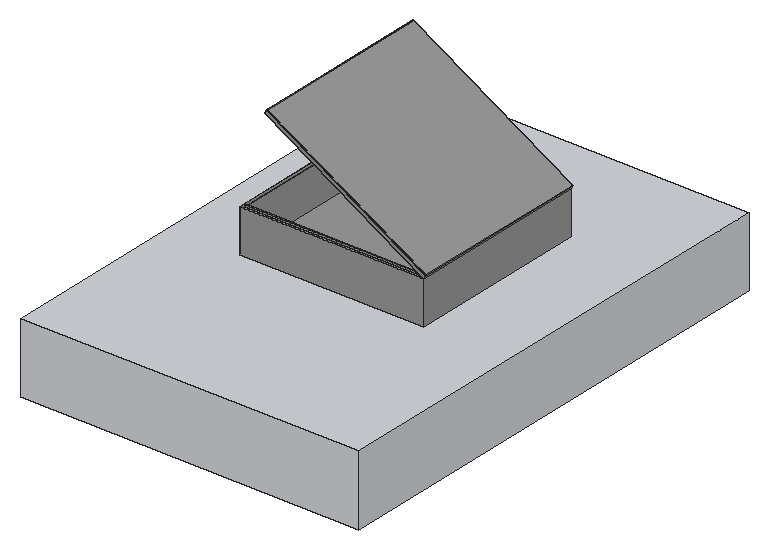
Revit family "Hager-Univers-IP44-D205-H800-Cl.II-Encl-BE-fr", category Equipement électrique, Revit 2020
Family settings
  Hôte = Face
  Configuration du panneau = Deux colonnes, circuits au sein
  Cote de connecteur circulaire = Utiliser le diamètre
  Type d'élément = Tableau de raccordement
  Couper avec des vides une fois chargée = Non
  Partagée = Non
  Point de calcul de pièce = Non
Parameters (values of type "saillie IP44 L800 H800 P205  - FP53QS")
  Width Control [instance] = if([EF000008 - largeur] > Min Width, [EF000008 - largeur], Min Width)  # 800 mm
  Commentaires du type = [HG000003 - Gamme]  # "Univers"
  Thickness Door [instance] = if([EF009171 - épaisseur de matériau de la porte/du couvercle] > 3 mm, 3 mm, [EF009171 - épaisseur de matériau de la porte/du couvercle])  # 1 mm
  Seal Frame Offset [instance] = 17 mm  # constant formula
  Plinth Visibility [instance] = [HG000027 - Hauteur du socle] > 0 mm  # no
  Model = ""
  Min Width [instance] = 100 mm  # constant formula
  Min Height [instance] = 100 mm  # constant formula
  Min Depth [instance] = (2 * [EF009170 - épaisseur de matériau du boîtier]) + 1 mm  # 3 mm
  Internal Frame Depth [instance] = (Door System Depth * 0.5)  # 9 mm
  Height Control [instance] = if([EF000040 - hauteur] > Min Height, [EF000040 - hauteur], Min Height)  # 800 mm
  HG000027 - Hauteur du socle = 0 mm
  HG000026 - Installation au sol = no
  HG000024 - Hauteur de la section basse = 800 mm
  HG000023 - Armoire double section = no
  HG000016 - Visibilité de la porte 3D [instance] = yes
  HG000015 - Visibilité de l'emprise de la porte [instance] = no
  HG000014 - Porte à droite [instance] = yes
  HG000013 - Porte à gauche [instance] = not([HG000014 - Porte à droite])  # no
  HG000012 - Angle de pivotement de la porte [instance] = 30.00°
  HG000010 - Portes asymétriques = no
  HG000009 - Porte à double battant = no
  HG000006 - Encastré = no
  HG000004 - Référence fabricant = "FP53QS"
  HG000003 - Gamme = "Univers"
  HG000002 - avec porte = yes
  Frame Offset Bottom [instance] = 10 mm  # constant formula
  Frame Offset [instance] = 15 mm  # constant formula
  EF015940 - couvercle avec décharge de pression = no
  EF011959 - degré de protection (NEMA) = ""
  EF009554 - nombre d'ouvertures pour plaques à bride = 6
  Fabricant = "Hager"  # constant formula
  EF009212 - finition du couvercle = "EV000116 - fermé"
  EF009171 - épaisseur de matériau de la porte/du couvercle = 1 mm
  EF009170 - épaisseur de matériau du boîtier = 1 mm
  EF008873 - courant nominal (In) = 250 A
  EF007800 - adapté à un parafoudre = no
  EF006306 - avec serrure = no
  EF006244 - couvercle/porte transparent(e) = no
  EF005474 - indice de protection (IP) = "EV006418 - IP44"
  EF004464 - type de porte = "EV002646 - unique"
  EF004427 - nombre de modules = 180
  EF004293 - indice de protection contre les chocs (IK) = "EV006815 - IK09"
  EF003532 - convient pour utilisation à l’extérieur = no
  EF002950 - largeur en nombre de modules = 36
  EF001613 - maintien de fonction = "EV000494 - sans"
  EF001596 - matériau du boîtier/corps = "EV000179 - acier"
  EF001131 - profondeur intérieure = 143 mm
  EF001088 - possibilité de montage en saillie = yes
  EF000437 - nombre d'entrées de conduit = 6
  EF000339 - type de capot = "EV001012 - couvercle"
  EF000266 - nombre de rangées = 5
  EF000218 - profondeur d'encastrement = 0 mm
  EF000118 - avec cadre/support de montage = no
  EF000116 - numéro RAL = "9010"
  EF000049 - profondeur = 205 mm
  EF000040 - hauteur = 800 mm
  EF000008 - largeur = 800 mm
  EF000007 - couleur = "EV000202 - blanc"
  EF000003 - mode de pose = "EV000384 - saillie"
  Door System Leaf Tolerance [instance] = 1.5 mm  # constant formula
  Door System Depth [instance] = 18 mm  # constant formula
  Door Height [instance] = Height Control - [HG000027 - Hauteur du socle]  # 800 mm
  Depth Control [instance] = if([EF000049 - profondeur] > Min Depth, [EF000049 - profondeur], Min Depth)  # 205 mm
  Default Elevation = 0 mm
  Connector Offset [instance] = Height Control / 2  # 400 mm
  Bottom Top Plate Trim [instance] = 1.5 mm  # constant formula
  Plinth height Ctrl [instance] = if([HG000027 - Hauteur du socle] > 0 mm, [HG000027 - Hauteur du socle], 12 mm)  # 12 mm
Types (5, lengths in mm): name | Width Control | HG000009 - Porte à double battant | HG000004 - Référence fabricant | EF009554 - nombre d'ouvertures pour plaques à bride | EF004464 - type de porte | EF004427 - nombre de modules | EF002950 - largeur en nombre de modules | EF000437 - nombre d'entrées de conduit | EF000008 - largeur
  saillie IP44 L1050 H800 P205  - FP54QS | 1050 | no | "FP54QS" | 8 | "EV003602 - double" | 240 | 48 | 8 | 1050
  saillie IP44 L1300 H800 P205  - FP55QS | 1300 | yes | "FP55QS" | 10 | "EV003602 - double" | 300 | 60 | 10 | 1300
  saillie IP44 L300 H800 P205  - FP51QS | 300 | no | "FP51QS" | 2 | "EV002646 - unique" | 60 | 12 | 2 | 300
  saillie IP44 L550 H800 P205  - FP52QS | 550 | no | "FP52QS" | 4 | "EV002646 - unique" | 120 | 24 | 4 | 550
  saillie IP44 L800 H800 P205  - FP53QS | 800 | no | "FP53QS" | 6 | "EV002646 - unique" | 180 | 36 | 6 | 800
Reference planes
  plane 1 "Center (Front/Back)": y = 0
  plane 2: z = 0
  plane 3 "Center (Left/Right)": x = 0
  plane 4: z = 205
  plane 5: y = 1
  plane 6: y = 400
  plane 7: y = 0
  plane 8: y = 800
  plane 9: z = 0
  plane 10: x = -385
  plane 11: x = 385
  plane 12: x = 384
  plane 13: x = -384
  plane 14: y = 799
  plane 15: x = -383
  plane 16: x = -400
  plane 17: x = 383
  plane 18: x = 400
  plane 19: x = 399
  plane 20: x = -399
  plane 21: y = 11
  plane 22: y = 800
  plane 23: y = 784
  plane 24: z = 187
  plane 25: z = 1
  plane 26: z = 186
  plane 27: z = 204
Forms (mm)
  Extrusion 1, solid
    sketch origin (0, 0, 0) x (1, 0, 0) y (0, 1, 0)
      loop
        line (-702.964, 1305) -> (-702.964, -811.445) -> (766.763, -811.445) -> (766.763, 1305) -> (-702.964, 1305)
    from 0 to -304.8
  Extrusion 2, solid, material "Hager_Steel_RAL7035_Light_Grey", visible <- "Plinth Visibility", detail levels medium+fine
    sketch origin (0, 0, 0) x (1, 0, 0) y (0, 1, 0)
      loop
        line (-400, 0) -> (400, 0) -> (400, 12) -> (-400, 12) -> (-400, 0)
    from 0 to 187
  Extrusion 3, solid, material "Hager_Steel_RAL7035_Light_Grey", detail levels medium+fine
    sketch origin (0, 0, 0) x (1, 0, 0) y (0, 1, 0)
      loop
        line (-400, 0) -> (400, 0) -> (400, 800) -> (-400, 800) -> (-400, 0)
    from 0 to 187
  Extrusion 4, void
    sketch origin (0, 0, 0) x (1, 0, 0) y (0, 1, 0)
      loop
        line (-399, 1) -> (399, 1) -> (399, 799) -> (-399, 799) -> (-399, 1)
    from 1 to 186
  Extrusion 5, void
    sketch origin (-381.607, -4572, 187) x (0, -1, 0) y (-1, 0, 0)
      loop
        line (-4583, 2.393) -> (-5356, 2.393) -> (-5356, -765.607) -> (-4583, -765.607) -> (-4583, 2.393)
    from 0 to 1 <- "EF009170 - épaisseur de matériau du boîtier"
  Extrusion 6, solid, material "Hager_Steel_RAL7035_Light_Grey", detail levels fine
    sketch origin (0, 0, 187) x (1, 0, 0) y (0, 1, 0)
      loop
        line (-384, 784) -> (-384, 11) -> (384, 11) -> (384, 784) -> (-384, 784)
      loop
        line (-385, 10) -> (385, 10) -> (385, 785) -> (-385, 785) -> (-385, 10)
    from 0 to 9 <- "Internal Frame Depth"
  Extrusion 7, solid, material "Hager_Steel_RAL7035_Light_Grey", detail levels coarse
    sketch origin (0, 0, 0) x (1, 0, 0) y (0, 1, 0)
      loop
        line (-400, 0) -> (400, 0) -> (400, 800) -> (-400, 800) -> (-400, 0)
    from 0 to 205
  Sweep 8, void
    path in 3D
      loop
        line (-400, 12, 0) -> (400, 12, 0) -> (400, 12, 187) -> (-400, 12, 187) -> (-400, 12, 0)
    profile origin (-400, 12, 93.5) x (-1, 0, 0) y (0, -1, 0)
      loop
        line (0, 0) -> (0, 1.5) -> (-1.5, 1.5)
        arc (-1.5, 1.5) -> (-1.061, 0.439) -> (0, 0) r 1.5
Cuts and joins
  Extrusion 4, Extrusion 5 cuts Extrusion 3
  Sweep 8 cuts Extrusion 2
Lines and regions (mm)
  Masking region 1
    outline origin (0, 0, 0) x (1, 0, 0) y (0, 0, 1)
      loop
        line (-400, 205) -> (-400, 0) -> (400, 0) -> (400, 205) -> (-400, 205)
  Masking region 2, detail levels medium+fine
    outline origin (0, 140, 0) x (0, 1, 0) y (0, 0, 1)
      loop
        line (-140, 0) -> (660, 0) -> (660, 187) -> (-140, 187) -> (-140, 0)
  Masking region 3, not visible, detail levels medium+fine
    outline origin (0, 297.922, 0) x (0, 1, 0) y (0, 0, 1)
      loop
        line (113.578, 0) -> (153.578, 0) -> (153.578, 194)
        arc (153.578, 194) -> (150.649, 201.071) -> (143.578, 204) r 10
        line (143.578, 204) -> (113.578, 204) -> (113.578, 0)
  Masking region 4, detail levels coarse
    outline origin (0, 0, 180) x (0, 1, 0) y (0, 0, 1)
      loop
        line (0, -180) -> (800, -180) -> (800, 25) -> (0, 25) -> (0, -180)
  Masking region 5, visible <- "Plinth Visibility", detail levels medium+fine
    outline origin (0, 52.24, 12.345) x (0, 0, -1) y (0, 1, 0)
      loop
        line (10.845, -40.24) -> (-173.155, -40.24)
        arc (-173.155, -40.24) -> (-173.594, -41.301) -> (-174.655, -41.74) r 1.5
        line (-174.655, -41.74) -> (-174.655, -52.24) -> (12.345, -52.24) -> (12.345, -41.74)
        arc (12.345, -41.74) -> (11.285, -41.301) -> (10.845, -40.24) r 1.5
  Masking region 6, detail levels medium+fine
    outline origin (-381.607, -4572, 187) x (-1, 0, 0) y (0, -1, 0)
      loop
        line (18.393, -5372) -> (18.393, -4572) -> (-781.607, -4572) -> (-781.607, -5372) -> (18.393, -5372)
  Masking region 7, visible <- "Plinth Visibility", detail levels medium+fine
    outline origin (-381.607, -4727, 187) x (-1, 0, 0) y (0, -1, 0)
      loop
        arc (16.893, -4739) -> (17.332, -4737.939) -> (18.393, -4737.5) r 1.5
        line (18.393, -4737.5) -> (18.393, -4727) -> (-781.607, -4727) -> (-781.607, -4737.5)
        arc (-781.607, -4737.5) -> (-780.546, -4737.939) -> (-780.107, -4739) r 1.5
        line (-780.107, -4739) -> (16.893, -4739)
  Masking region 8, detail levels coarse
    outline origin (-442.548, -4669.526, 187) x (-1, 0, 0) y (0, -1, 0)
      loop
        line (-42.548, -5469.526) -> (-42.548, -4669.526) -> (-842.548, -4669.526) -> (-842.548, -5469.526) -> (-42.548, -5469.526)
  sketch lines
    curve 1: line (-400, 12, 187) -> (-400, 12, 0)
    curve 2: line (400, 12, 187) -> (-400, 12, 187)
    curve 3: line (400, 12, 187) -> (400, 12, 0)
    curve 4: line (-400, 12, 0) -> (400, 12, 0)
Dimensions and locks
  "Depth Control": plane 4 to Extrusion 1
  "HG000027 - Hauteur du socle": plane 1 "Center (Front/Back)" to plane 7
  "EF009170 - épaisseur de matériau du boîtier": plane 5 to plane 7
  locked: connector elem to plane 3 "Center (Left/Right)"
  equal spacing: plane 8, plane 6, plane 7
  locked: connector elem to plane 6
  "EF009170 - épaisseur de matériau du boîtier": plane 8 to plane 14
  "EF009170 - épaisseur de matériau du boîtier": plane 10 to plane 13
  "EF009170 - épaisseur de matériau du boîtier": plane 12 to plane 11
  "Frame Offset": plane 20 to plane 13
  "Frame Offset": plane 12 to plane 19
  "EF009170 - épaisseur de matériau du boîtier": plane 16 to plane 20
  "EF009170 - épaisseur de matériau du boîtier": plane 19 to plane 18
  "Seal Frame Offset": plane 16 to plane 15
  "Seal Frame Offset": plane 17 to plane 18
  "Frame Offset Bottom": plane 21 to plane 5
  "Frame Offset": plane 14 to plane 23
  equal spacing: plane 16, plane 3 "Center (Left/Right)", plane 18
  "Width Control": plane 16 to plane 18
  "EF009170 - épaisseur de matériau du boîtier": plane 4 to plane 27
  "EF009170 - épaisseur de matériau du boîtier": plane 24 to plane 26
  "EF009170 - épaisseur de matériau du boîtier": plane 25 to level
  "Door System Depth": plane 4 to plane 24
  "Height Control": plane 1 "Center (Front/Back)" to Extrusion 7 sketch curve
  "Height Control": Masking region 4 sketch curve to plane 1 "Center (Front/Back)"
  "Height Control": plane 1 "Center (Front/Back)" to plane 22
  "Bottom Top Plate Trim": profile plane to Sweep 8 sketch curve
  "Bottom Top Plate Trim": Sweep 8 sketch curve to profile plane
  "Plinth height Ctrl": plane 1 "Center (Front/Back)" to Extrusion 2 sketch curve
  "Plinth height Ctrl": Masking region 5 sketch curve to plane 1 "Center (Front/Back)"
  "Plinth height Ctrl": plane 1 "Center (Front/Back)" to Masking region 7 sketch curve
  "Thickness Door": Extrusion 6 sketch curve to Extrusion 6 sketch curve  (x3)
  "Thickness Door": cut or joined group of Extrusion 3, Extrusion 4, Extrusion 5 to Extrusion 6 sketch curve
  radius of Masking region 3 sketch curve = 10 mm
  "Bottom Top Plate Trim": radius of Masking region 5 sketch curve  (x2)
  "Bottom Top Plate Trim": radius of Sweep 8 sketch curve
  "Bottom Top Plate Trim": radius of Masking region 7 sketch curve  (x2)
  aligned and locked: plane 2 to Extrusion 1
  aligned and locked: level to Extrusion 1
  aligned and locked: level to Masking region 1 sketch curve
  aligned and locked: Masking region 1 sketch curve to plane 18
  aligned and locked: Masking region 1 sketch curve to plane 16
  aligned and locked: plane 7 to Masking region 2 sketch curve
  aligned and locked: level to Masking region 3 sketch curve
  aligned and locked: Masking region 3 sketch curve to plane 27
  aligned and locked: level to Masking region 2 sketch curve
  aligned and locked: plane 1 "Center (Front/Back)" to Extrusion 2 sketch curve
  aligned and locked: Extrusion 3 sketch curve to plane 7
  aligned and locked: plane 16 to Extrusion 3 sketch curve
  aligned and locked: plane 18 to Extrusion 3 sketch curve
  aligned and locked: plane 20 to Extrusion 4 sketch curve
  aligned and locked: plane 19 to Extrusion 4 sketch curve
  aligned and locked: Extrusion 4 sketch curve to plane 5
  aligned and locked: Extrusion 4 to plane 25
  aligned and locked: plane 26 to Extrusion 4
  aligned and locked: plane 24 to Extrusion 3
  aligned and locked: Extrusion 5 sketch curve to plane 21
  aligned and locked: Extrusion 5 sketch curve to plane 13
  aligned and locked: Extrusion 5 sketch curve to plane 12
  aligned and locked: plane 18 to Extrusion 7 sketch curve
  aligned and locked: plane 1 "Center (Front/Back)" to Extrusion 7 sketch curve
  aligned and locked: plane 16 to Extrusion 7 sketch curve
  aligned and locked: plane 4 to Extrusion 7
  aligned and locked: Extrusion 7 to level
  aligned and locked: level to Masking region 4 sketch curve
  aligned and locked: Masking region 4 sketch curve to plane 1 "Center (Front/Back)"
  aligned and locked: Masking region 4 sketch curve to plane 4
  aligned and locked: nested 1 to level
  aligned and locked: nested 1 to plane 16
  aligned and locked: plane 8 to Extrusion 3 sketch curve
  aligned and locked: plane 23 to Extrusion 5 sketch curve
  aligned and locked: plane 14 to Extrusion 4 sketch curve
  aligned and locked: Masking region 2 sketch curve to plane 8
  aligned and locked: level to Masking region 5 sketch curve
  aligned and locked: plane 16 to Extrusion 2 sketch curve
  aligned and locked: plane 18 to Extrusion 2 sketch curve
  aligned and locked: Masking region 5 sketch curve to plane 24
  aligned and locked: Masking region 2 sketch curve to plane 24
  aligned and locked: plane 24 to Extrusion 2
  aligned and locked: profile plane to Sweep 8 sketch curve  (x2)
  aligned and locked: Masking region 6 sketch curve to plane 18
  aligned and locked: Masking region 6 sketch curve to plane 22
  aligned and locked: Masking region 6 sketch curve to plane 16
  aligned and locked: plane 8 to plane 22
  aligned and locked: Masking region 6 sketch curve to plane 7
  aligned and locked: Masking region 7 sketch curve to plane 16
  aligned and locked: Masking region 7 sketch curve to plane 1 "Center (Front/Back)"
  aligned and locked: Masking region 7 sketch curve to plane 18
  aligned and locked: Masking region 8 sketch curve to plane 1 "Center (Front/Back)"
  aligned and locked: Masking region 8 sketch curve to plane 18
  aligned and locked: Masking region 8 sketch curve to plane 22
  aligned and locked: Masking region 8 sketch curve to plane 16
  aligned and locked: nested 2 to plane 7
  aligned and locked: plane 3 "Center (Left/Right)" to nested 2
  aligned and locked: nested 2 to plane 24
  aligned and locked: Extrusion 6 sketch curve to cut or joined group of Extrusion 3, Extrusion 4, Extrusion 5  (x4)
Automatic sketch dimensions
  Extrusion 1 sketch curve to Extrusion 1 sketch curve = 1469.727 mm
  Extrusion 1 sketch curve to Extrusion 1 sketch curve = 2116.445 mm
  Masking region 1 sketch curve to plane 4 = 0 mm
  plane 6 to Masking region 3 sketch curve = 11.5 mm
  Masking region 3 sketch curve to Masking region 3 sketch curve = 30 mm
  Masking region 5 sketch curve to plane 1 "Center (Front/Back)" = 0 mm
Nested families
  nested 1: "Hager_Enclosure_Symbol" at (-400, 0, 0) x (1, 0, 0) z (0, -1, 0), Height <- "Depth Control", Width <- "Width Control", type "Hager_Enclosure_Symbol"
    with Width_Ctrl 800 mm, Width 800 mm, Height_Ctrl 205 mm, Height 205 mm, A_Width_Int 13.453 mm, A_Width 161.438 mm, A_Height_Ctrl 179.375 mm, A_Height 179.375 mm
  nested 2: "EC000058_Univers_Door" at (0, 0, 187) x (1, 0, 0) z (0, 1, 0), Leaf_Tolerance <- "Door System Leaf Tolerance", Angle <- "HG000012 - Angle de pivotement de la porte", Door_Depth <- "Door System Depth", Door_Left <- "HG000013 - Porte à gauche", Transparent <- "EF006244 - couvercle/porte transparent(e)", Assymetrical <- "HG000010 - Portes asymétriques", Width <- "Width Control", Clearance <- "HG000015 - Visibilité de l'emprise de la porte", Double <- "HG000009 - Porte à double battant", 3d_Door <- "HG000016 - Visibilité de la porte 3D", Lock_Visibility <- "EF006306 - avec serrure", Width_Ctrl <- "Width Control", Door_Right <- "HG000014 - Porte à droite", Door <- "HG000002 - avec porte", Height <- "Door Height", Thickness <- "Thickness Door", type "EC000058_Univers_Door", detail levels medium+fine
    with min_wh 3 mm, Width_Ctrl 800 mm, Width 800 mm, Transparent no, Thickness 1 mm, Seal_Material Hager_Rubber, Lock_Visibility no, Lock_Material Hager_Plastic_RAL9005_Jet_Black, Leaf_Width 800 mm, Leaf_Tolerance_External_Sides 0 mm, Leaf_Tolerance 1.5 mm, Leaf_Offset 0 mm, Leaf_Height 797 mm, Leaf_2_Width 800 mm, Leaf_2_Offset 400 mm, Leaf_1_Width 800 mm, Leaf_1_Offset 400 mm, Height_Ctrl 800 mm, Height 800 mm, Glass_Material Hager_Glass, Double_Clearance_Ctrl no, Double no, Door_Right_Ctrl yes, Door_Right yes, Door_Material Hager_Steel_RAL7035_Light_Grey, Door_Left_Ctrl no, Door_Left no, Door_Depth 18 mm, Door yes, Clearance_Material Hager_Clearance, Clearance_Depth 800 mm, Clearance_Ctrl no, Clearance no, Assymetrical no, Angle 30.00°, 3d_Door yes
Connectors
  electrical at (0, 400, 0)
    settings: on plane 9, index 1, voltage 0 V, apparent load 0 VA, apparent load phase1 0 VA, apparent load phase2 0 VA, apparent load phase3 0 VA, power factor 1, load classification "Other", number of poles 1, system type 30, power factor state 1, is connector primary yes, connector utility no, sub classification motor no, connector description ""
Definition of nested family "EC000058_Univers_Door"
  Parameters (values of type "EC000058_Univers_Door")
    min_wh [instance] = (2 * Thickness) + 1 mm  # 11 mm
    Width_Ctrl [instance] = 400 mm
    Width [instance] = 500 mm
    Transparent [instance] = yes
    Thickness [instance] = 5 mm
    Seal_Material [instance] = none
    Lock_Visibility [instance] = yes
    Lock_Material [instance] = none
    Leaf_Width [instance] = if((Width_Ctrl - 2 * Leaf_Tolerance_External_Sides) > 0 mm, (Width_Ctrl - 2 * Leaf_Tolerance_External_Sides), min_wh)  # 400 mm
    Leaf_Tolerance_External_Sides [instance] = 0 mm  # constant formula
    Leaf_Tolerance [instance] = 1.5 mm
    Leaf_Offset [instance] = 0 mm  # constant formula
    Leaf_Height [instance] = if((Height_Ctrl - 2 * Leaf_Tolerance) > 0 mm, (Height_Ctrl - 2 * Leaf_Tolerance), min_wh)  # 497 mm
    Leaf_2_Width [instance] = if(and(and(Double, Assymetrical), Door_Left), (Leaf_Width / 3) - (Leaf_Tolerance / 2), if(and(and(Double, Assymetrical), Door_Right), (Leaf_Width / 3) * 2 - (Leaf_Tolerance / 2), if(and(Double, not(Assymetrical)), (Leaf_Width / 2) - Leaf_Tolerance, Leaf_Width)))  # 400 mm
    Leaf_2_Offset [instance] = if(and(Double, Assymetrical), Leaf_2_Width / 2, if(and(Double, not(Assymetrical)), Leaf_Width / 4, Leaf_Width / 2))  # 200 mm
    Leaf_1_Width [instance] = if(and(and(Double, Assymetrical), Door_Right), (Leaf_Width / 3) - (Leaf_Tolerance / 2), if(and(and(Double, Assymetrical), Door_Left), (Width / 3) * 2 - (Leaf_Tolerance / 2), if(and(Double, not(Assymetrical)), (Leaf_Width / 2) - Leaf_Tolerance, Leaf_Width)))  # 400 mm
    Leaf_1_Offset [instance] = if(and(Double, Assymetrical), Leaf_1_Width / 2, if(and(Double, not(Assymetrical)), Leaf_Width / 4, Leaf_Width / 2))  # 200 mm
    Height_Ctrl [instance] = if(Height > min_wh, Height, min_wh)  # 500 mm
    Height [instance] = 500 mm
    Glass_Material [instance] = none
    Double_Clearance_Ctrl [instance] = and(Double, Clearance)  # no
    Double [instance] = no
    Door_Right_Ctrl [instance] = and(or(Door_Right, Double), Door)  # yes
    Door_Right [instance] = yes
    Door_Material [instance] = none
    Door_Left_Ctrl [instance] = and(or(Door_Left, Double), Door)  # no
    Door_Left [instance] = no
    Door_Depth [instance] = 30 mm
    Door [instance] = yes
    Default Elevation = 1219.2 mm
    Clearance_Material [instance] = none
    Clearance_Depth [instance] = if(Leaf_1_Width > Leaf_2_Width, Leaf_1_Width, Leaf_2_Width)  # 400 mm
    Clearance_Ctrl [instance] = and(not(Double), Clearance)  # yes
    Clearance [instance] = yes
    Assymetrical [instance] = yes
    Angle [instance] = 30.00°
    3d_Door [instance] = yes
  Reference planes
    plane 1 "Center (Front/Back)": y = 0
    plane 2 "Bottom": z = 0
    plane 3 "Center (Left/Right)": x = 0
    plane 4: z = 500
    plane 5: x = -200
    plane 6: x = 200
    plane 7: z = 500
    plane 8: x = -200
    plane 9: z = 0
    plane 10: x = 200
    plane 11: y = 0
    plane 12: z = 1.5
    plane 13: x = -600
    plane 14: y = -400
    plane 15: x = 600
    plane 16: x = 0
    plane 17: x = 0
    plane 18: x = -200
    plane 19: x = 200
    plane 20: z = 498.5
  Forms (mm)
    Extrusion 1, solid, material <- "Clearance_Material", visible <- "Double_Clearance_Ctrl"
      sketch origin (1200, 0, 0) x (1, 0, 0) y (0, 0, -1)
        loop
          line (-1800, -498.5) -> (-600, -498.5) -> (-600, 0) -> (-1800, 0) -> (-1800, -498.5)
      from 0 to -400
  Dimensions and locks
    equal spacing: plane 5, plane 3 "Center (Left/Right)", plane 6
    "Width_Ctrl": plane 5 to plane 6
    "Leaf_Offset": plane 5 to plane 8
    "Leaf_Offset": plane 6 to plane 10
    "Leaf_Offset": plane 9 to level
    "Leaf_Offset": plane 4 to plane 7
    "Height_Ctrl": plane 4 to level
    "Leaf_Tolerance": plane 12 to plane 9
    locked: plane 11 to plane 1 "Center (Front/Back)"
    "Leaf_1_Offset": plane 18 to plane 16
    "Leaf_2_Offset": plane 17 to plane 19
    "Leaf_1_Width": plane 13 to plane 8
    "Leaf_2_Width": plane 10 to plane 15
    "Clearance_Depth": plane 14 to plane 1 "Center (Front/Back)"
    "Leaf_Tolerance_External_Sides": plane 8 to plane 18
    "Leaf_Tolerance_External_Sides": plane 19 to plane 10
    "Leaf_Tolerance": plane 7 to plane 20
    aligned and locked: level to plane 2 "Bottom"
    aligned and locked: nested 1 to plane 16
    aligned and locked: nested 2 to plane 17
    aligned and locked: Extrusion 1 to plane 13
    aligned and locked: plane 15 to Extrusion 1
    aligned and locked: Extrusion 1 to plane 14
    aligned and locked: plane 12 to nested 1
    aligned and locked: nested 2 to plane 12
    aligned and locked: Extrusion 1 to plane 11
    aligned and locked: plane 20 to Extrusion 1
    aligned and locked: nested 2 to plane 11
    aligned and locked: nested 1 to plane 11
  Automatic sketch dimensions
    Extrusion 1 sketch curve to level = 0 mm
    plane 5 to Extrusion 1 sketch curve = 400 mm
    plane 6 to Extrusion 1 sketch curve = 400 mm
    Extrusion 1 sketch curve to plane 4 = 1.5 mm
  Nested families
    nested 1: "EC000058_Univers_Door_Leaf" at (0, 0, 1.5), Width <- "Leaf_1_Width", visible <- "Door_Left_Ctrl", Leaf_Height <- "Leaf_Height", Angle <- "Angle", 3d_Door <- "3d_Door", Transparent <- "Transparent", Clearance Material <- "Clearance_Material", Clearance <- "Clearance_Ctrl", Door_Material <- "Door_Material", Glass_Material <- "Glass_Material", Door_Depth <- "Door_Depth", Lock_Material <- "Lock_Material", Seal_Material <- "Seal_Material", Lock_Visibility <- "Lock_Visibility", Thickness <- "Thickness", type "EC000058_Univers_Door_Leaf"
      with Width 400 mm, Transparent_Glass_Offset 30 mm, Transparent_Ctrl yes, Transparent yes, Thickness 5 mm, Standard no, Seal_Material none, Seal_D2 8 mm, Seal_D1 1 mm, Offset_Internal_Frame 10 mm, Lock_Width 20 mm, Lock_Visibility_3d yes, Lock_Visibility yes, Lock_Thickness_3 3 mm, Lock_Thickness_2 1 mm, Lock_Thickness_1 3 mm, Lock_Radius_Offset_2 16 mm, Lock_Radius_Offset_1 15 mm, Lock_Radius_2 5 mm, Lock_Radius 6 mm, Lock_Offset 5 mm, Lock_Material none, Lock_Height 80 mm, Lock_Cover_Top_Offset_2d 17 mm, Lock_Cover_Height -65 mm, Leaf_Height 497 mm, Internal_Seal_Thickness 8 mm, Internal_Seal_Depth_2 4.5 mm, Internal_Frame_Depth 25 mm, Glass_Thickness -1 mm, Glass_Offset -2 mm, Glass_Material none, Door_Material none, Door_Depth 30 mm, Clearance Material none, Clearance yes, Angle_Ctrl 30.00°, Angle 30.00°, 3d_Door yes
    nested 2: "EC000058_Univers_Door_Leaf" at (0, 0, 1.5) x (-1, 0, 0) z (0, 0, 1), Width <- "Leaf_2_Width", visible <- "Door_Right_Ctrl", Leaf_Height <- "Leaf_Height", Angle <- "Angle", 3d_Door <- "3d_Door", Transparent <- "Transparent", Clearance Material <- "Clearance_Material", Clearance <- "Clearance_Ctrl", Door_Material <- "Door_Material", Glass_Material <- "Glass_Material", Door_Depth <- "Door_Depth", Lock_Material <- "Lock_Material", Seal_Material <- "Seal_Material", Lock_Visibility <- "Lock_Visibility", Thickness <- "Thickness", type "EC000058_Univers_Door_Leaf"
      with Width 400 mm, Transparent_Glass_Offset 30 mm, Transparent_Ctrl yes, Transparent yes, Thickness 5 mm, Standard no, Seal_Material none, Seal_D2 8 mm, Seal_D1 1 mm, Offset_Internal_Frame 10 mm, Lock_Width 20 mm, Lock_Visibility_3d yes, Lock_Visibility yes, Lock_Thickness_3 3 mm, Lock_Thickness_2 1 mm, Lock_Thickness_1 3 mm, Lock_Radius_Offset_2 16 mm, Lock_Radius_Offset_1 15 mm, Lock_Radius_2 5 mm, Lock_Radius 6 mm, Lock_Offset 5 mm, Lock_Material none, Lock_Height 80 mm, Lock_Cover_Top_Offset_2d 17 mm, Lock_Cover_Height -65 mm, Leaf_Height 497 mm, Internal_Seal_Thickness 8 mm, Internal_Seal_Depth_2 4.5 mm, Internal_Frame_Depth 25 mm, Glass_Thickness -1 mm, Glass_Offset -2 mm, Glass_Material none, Door_Material none, Door_Depth 30 mm, Clearance Material none, Clearance yes, Angle_Ctrl 30.00°, Angle 30.00°, 3d_Door yes
  Definition of nested family "EC000058_Univers_Door_Leaf"
    Parameters (values of type "EC000058_Univers_Door_Leaf")
      Width [instance] = 2000 mm
      Transparent_Glass_Offset [instance] = 30 mm
      Transparent_Ctrl [instance] = and(Transparent, [3d_Door])  # yes
      Transparent [instance] = yes
      Thickness [instance] = 5 mm
      Standard [instance] = and(not(Transparent), [3d_Door])  # no
      Seal_Material [instance] = none
      Seal_D2 [instance] = 8 mm  # constant formula
      Seal_D1 [instance] = 1 mm  # constant formula
      Offset_Internal_Frame [instance] = 10 mm  # constant formula
      Lock_Width [instance] = 20 mm  # constant formula
      Lock_Visibility_3d [instance] = and(Lock_Visibility, [3d_Door])  # yes
      Lock_Visibility [instance] = yes
      Lock_Thickness_3 [instance] = 3 mm  # constant formula
      Lock_Thickness_2 [instance] = 1 mm  # constant formula
      Lock_Thickness_1 [instance] = 3 mm  # constant formula
      Lock_Radius_Offset_2 [instance] = Lock_Radius_Offset_1 + 1 mm  # 16 mm
      Lock_Radius_Offset_1 [instance] = 15 mm  # constant formula
      Lock_Radius_2 [instance] = Lock_Radius - 1 mm  # 5 mm
      Lock_Radius [instance] = 6 mm  # constant formula
      Lock_Offset [instance] = 5 mm  # constant formula
      Lock_Material [instance] = none
      Lock_Height [instance] = 80 mm  # constant formula
      Lock_Cover_Top_Offset_2d [instance] = Lock_Radius_Offset_2 + 1 mm  # 17 mm
      Lock_Cover_Height [instance] = -(Lock_Height - Lock_Radius_Offset_1)  # -65 mm
      Leaf_Height [instance] = 2720.336 mm
      Internal_Seal_Thickness [instance] = 8 mm  # constant formula
      Internal_Seal_Depth_2 [instance] = 4.5 mm  # constant formula
      Internal_Frame_Depth [instance] = if(Door_Depth - Thickness > 5 mm, Door_Depth - Thickness, 5 mm)  # 25 mm
      Glass_Thickness [instance] = if(Thickness > 15 mm, Glass_Offset + 10 mm, -1 mm)  # -1 mm
      Glass_Offset [instance] = if(Thickness > 15 mm, -(Thickness + 10 mm) / 2, -2 mm)  # -2 mm
      Glass_Material [instance] = none
      Door_Material [instance] = none
      Door_Depth [instance] = 30 mm
      Default Elevation = 0 mm
      Clearance Material [instance] = none
      Clearance [instance] = yes
      Angle_Ctrl [instance] = if(Angle > 180.00°, 180.00°, Angle)  # 90.00°
      Angle [instance] = 90.00°
      3d_Door [instance] = yes
    Reference planes
      plane 1 "Center (Front/Back)": y = 0
      plane 2: z = 0
      plane 3 "Center (Left/Right)": x = 0
      plane 4: y = 2000
      plane 5: x = -1000
      plane 6: x = 1000
      plane 7: x = -3000
      plane 8: z = 2720.336
      plane 9: z = 30
      plane 10: z = 2690.336
      plane 11: x = 970
      plane 12: x = -970
      plane 13: y = -3
      plane 14: z = 107.833
      plane 15: y = -5
      plane 16: y = -223.314
      plane 17: x = -1000
      plane 18: z = 1360.168
      plane 19: y = 30
    Forms (mm)
      Extrusion 1, solid, material <- "Clearance Material", visible <- "Clearance"
        sketch origin (0, 0, 0) x (1, 0, 0) y (0, 0, 1)
          loop
            line (-3000, 2720.336) -> (-3000, 0) -> (1000, 0) -> (1000, 2720.336) -> (-3000, 2720.336)
        from 0 to -2000
      Extrusion 2, solid, material <- "Door_Material", visible <- "Standard", detail levels medium+fine
        sketch origin (-1000, 0, 0) x (0, 1, 0) y (-1, 0, 0)
          loop
            line (0, 30) -> (0, 25) -> (2000, 25) -> (2000, 30) -> (0, 30)
        from 0 to 2720.336 <- "Leaf_Height"
      Extrusion 3, solid, material <- "Door_Material", visible <- "Transparent_Ctrl", detail levels medium+fine
        sketch origin (-1000, 0, 0) x (0, 1, 0) y (-1, 0, 0)
          loop
            line (0, 25) -> (2000, 25) -> (2000, 30) -> (0, 30) -> (0, 25)
        from 0 to 2720.336 <- "Leaf_Height"
      Extrusion 4, void
        sketch origin (-1025, 2000, 0) x (0, 1, 0) y (0, 0, -1)
          loop
            line (-30, -2690.336) -> (-30, -30) -> (-1970, -30) -> (-1970, -2690.336) -> (-30, -2690.336)
        from 0 to 5 <- "Thickness"
      Sweep 5, solid, material <- "Seal_Material", visible <- "Transparent_Ctrl", detail levels fine
        path in 3D
          loop
            line (-1025, 30, 30) -> (-1025, 30, 2690.336) -> (-1025, 1970, 2690.336) -> (-1025, 1970, 30) -> (-1025, 30, 30)
        profile origin (-1025, 1000, 30) x (1, 0, 0) y (0, 0, 1)
          loop
            line (0, 0) -> (0, -8) -> (1, -8) -> (1, 0) -> (0, 0)
      Extrusion 6, solid, material <- "Glass_Material", visible <- "Transparent_Ctrl", detail levels medium+fine
        sketch origin (-1030, 0, 0) x (0, 1, 0) y (0, 0, -1)
          loop
            line (1970, -2690.336) -> (1970, -30) -> (30, -30) -> (30, -2690.336) -> (1970, -2690.336)
        from -2 <- "Glass_Offset" to -1 <- "Glass_Thickness"
      Extrusion 7, solid, material <- "Door_Material", visible <- "3d_Door", detail levels medium+fine
        sketch origin (-1025, 2000, 0) x (0, -1, 0) y (0, 0, -1)
          loop
            line (0, -2720.336) -> (2000, -2720.336) -> (2000, 0) -> (0, 0) -> (0, -2720.336)
          loop
            line (1995, -5) -> (5, -5) -> (5, -2715.336) -> (1995, -2715.336) -> (1995, -5)
        from 0 to 25 <- "Internal_Frame_Depth"
      Sweep 8, solid, material <- "Seal_Material", visible <- "Transparent_Ctrl", detail levels fine
        path in 3D
          loop
            line (-1025, 0, 0) -> (-1025, 2000, 0) -> (-1025, 2000, 2720.336) -> (-1025, 0, 2720.336) -> (-1025, 0, 0)
        profile origin (-1025, 0, 1360.168) x (1, 0, 0) y (0, 1, 0)
          loop
            line (0, 10) -> (2.975, 10)
            arc (2.975, 10) -> (4.053, 10.447) -> (4.5, 11.525) r 1.525
            line (4.5, 11.525) -> (4.5, 16.527)
            arc (4.5, 16.527) -> (4.069, 17.569) -> (3.027, 18) r 1.473
            line (3.027, 18) -> (0, 18) -> (0, 10)
      Extrusion 9, solid, material <- "Lock_Material", visible <- "Lock_Visibility_3d", detail levels fine
        sketch origin (-1030, 0, 0) x (0, 1, 0) y (0, 0, -1)
          loop
            arc (1993.5, -1400.168) -> (1994.561, -1399.729) -> (1995, -1398.668) r 1.5
            line (1995, -1398.668) -> (1995, -1320.168) -> (1975, -1320.168) -> (1975, -1398.668)
            arc (1975, -1398.668) -> (1975.439, -1399.729) -> (1976.5, -1400.168) r 1.5
            line (1976.5, -1400.168) -> (1993.5, -1400.168)
        from 3 <- "Lock_Thickness_1" to 0
      Blend 10, solid, material <- "Lock_Material", visible <- "Lock_Visibility_3d", detail levels fine
        base sketch origin (-1033, 0, 0) x (0, 1, 0) y (0, 0, -1)
          loop
            line (1975, -1320.168) -> (1975, -1398.668)
            arc (1975, -1398.668) -> (1975.439, -1399.729) -> (1976.5, -1400.168) r 1.5
            line (1976.5, -1400.168) -> (1993.5, -1400.168)
            arc (1993.5, -1400.168) -> (1994.561, -1399.729) -> (1995, -1398.668) r 1.5
            line (1995, -1398.668) -> (1995, -1320.168) -> (1975, -1320.168)
        top sketch origin (-1033, 0, 0) x (0, 1, 0) y (0, 0, -1)
          loop
            line (1976, -1320.168) -> (1976, -1398.668)
            arc (1976, -1398.668) -> (1976.146, -1399.022) -> (1976.5, -1399.168) r 0.5
            line (1976.5, -1399.168) -> (1993.5, -1399.168)
            arc (1993.5, -1399.168) -> (1993.854, -1399.022) -> (1994, -1398.668) r 0.5
            line (1994, -1398.668) -> (1994, -1320.168) -> (1976, -1320.168)
        from 0 to 1 <- "Lock_Thickness_2"
      Blend 11, solid, material <- "Lock_Material", visible <- "Lock_Visibility_3d", detail levels fine
        base sketch origin (-1034, 0, 0) x (0, 1, 0) y (0, 0, -1)
          loop
            line (1978, -1320.168) -> (1978, -1384.168)
            arc (1978, -1384.168) -> (1985, -1391.168) -> (1992, -1384.168) r 7
            line (1992, -1384.168) -> (1992, -1320.168) -> (1978, -1320.168)
        top sketch origin (-1034, 0, 0) x (0, 1, 0) y (0, 0, -1)
          loop
            line (1991, -1320.168) -> (1979, -1320.168) -> (1979, -1383.168)
            arc (1979, -1383.168) -> (1985, -1389.168) -> (1991, -1383.168) r 6
            line (1991, -1383.168) -> (1991, -1320.168)
        from 0 to 3 <- "Lock_Thickness_3"
      Extrusion 12, solid, material <- "Lock_Material", visible <- "Lock_Visibility_3d", detail levels fine
        sketch origin (-1030, 1975, 1320.168) x (1, 0, 0) y (0, -1, 0)
          loop
            line (-7, -19) -> (-7, -1) -> (0, -1) -> (0, 0) -> (-8, 0) -> (-8, -20) -> (0, -20) -> (0, -19) -> (-7, -19)
        from 0 to -65 <- "Lock_Cover_Height"
      Extrusion 13, void
        sketch origin (-1038, 1995, 1320.168) x (-1, 0, 0) y (0, 0, -1)
          loop
            line (-5, -65) -> (0, -65) -> (-5, -60) -> (-5, -65)
        from 0 to 20 <- "Lock_Width"
      Extrusion 14, void
        sketch origin (-1038, 1975, 1320.168) x (0, -1, 0) y (0, 0, -1)
          loop
            circle (-10, -15.995) r 6
          loop
            circle (-10, -15.995) r 5
        from 0 to 2
      Extrusion 15, solid, material <- "Lock_Material", visible <- "Lock_Visibility_3d", detail levels medium
        sketch origin (-1030, 0, 0) x (0, 1, 0) y (0, 0, -1)
          loop
            arc (1993.5, -1400.168) -> (1994.561, -1399.729) -> (1995, -1398.668) r 1.5
            line (1995, -1398.668) -> (1995, -1320.168) -> (1975, -1320.168) -> (1975, -1398.668)
            arc (1975, -1398.668) -> (1975.439, -1399.729) -> (1976.5, -1400.168) r 1.5
            line (1976.5, -1400.168) -> (1993.5, -1400.168)
        from 8 to 0
    Cuts and joins
      Extrusion 4 cuts Extrusion 3
      Extrusion 13, Extrusion 14 cuts Extrusion 9
      Extrusion 14 cuts Blend 11
      Extrusion 13, Extrusion 14 cuts Extrusion 12
      joined: Extrusion 9, Blend 10, Blend 11, Extrusion 12
      Extrusion 14 cuts Extrusion 15
    Lines and regions (mm)
      Masking region 1, visible <- "Lock_Visibility", detail levels fine
        outline origin (0, 0, 0) x (0, 1, 0) y (0, 0, 1)
          loop
            line (30, 1320.168) -> (33, 1320.168) -> (33, 1400.168) -> (30, 1400.168) -> (30, 1320.168)
      Masking region 2, visible <- "Lock_Visibility", detail levels fine
        outline origin (0, 3.143, 0) x (0, 1, 0) y (0, 0, 1)
          loop
            line (29.857, 1354.168) -> (30.857, 1354.168) -> (30.857, 1366.168) -> (29.857, 1366.168) -> (29.857, 1354.168)
      Masking region 3, detail levels medium+fine
        outline origin (0, 0, 0) x (0, 1, 0) y (0, 0, 1)
          loop
            line (0, 0) -> (30, 0) -> (30, 2720.336) -> (0, 2720.336) -> (0, 0)
      Masking region 4, detail levels medium+fine
        outline origin (0, 0, 0) x (1, 0, 0) y (0, 0, 1)
          loop
            line (-1000, 2720.336) -> (-1000, 0) -> (1000, 0) -> (1000, 2720.336) -> (-1000, 2720.336)
      Masking region 5, visible <- "Lock_Visibility", detail levels fine
        outline origin (-47.116, 0, 0) x (1, 0, 0) y (0, 0, 1)
          loop
            arc (1024.616, 1399.168) -> (1023.556, 1398.729) -> (1023.116, 1397.668) r 1.5
            line (1023.116, 1397.668) -> (1023.116, 1320.168) -> (1041.116, 1320.168) -> (1041.116, 1397.668)
            arc (1041.116, 1397.668) -> (1040.677, 1398.729) -> (1039.616, 1399.168) r 1.5
            line (1039.616, 1399.168) -> (1024.616, 1399.168)
      Masking region 6, visible <- "Lock_Visibility", detail levels medium+fine
        outline origin (-25, 0, 0) x (1, 0, 0) y (0, 0, 1)
          loop
            arc (1001.5, 1400.168) -> (1000.439, 1399.729) -> (1000, 1398.668) r 1.5
            line (1000, 1398.668) -> (1000, 1320.168) -> (1020, 1320.168) -> (1020, 1398.668)
            arc (1020, 1398.668) -> (1019.561, 1399.729) -> (1018.5, 1400.168) r 1.5
            line (1018.5, 1400.168) -> (1001.5, 1400.168)
      Masking region 7, visible <- "Lock_Visibility", detail levels fine
        outline origin (-73.735, 0, 0) x (1, 0, 0) y (0, 0, 1)
          loop
            line (1051.735, 1382.168) -> (1065.735, 1382.168) -> (1065.735, 1384.168)
            arc (1065.735, 1384.168) -> (1058.735, 1391.168) -> (1051.735, 1384.168) r 7
            line (1051.735, 1384.168) -> (1051.735, 1382.168)
      Masking region 8, visible <- "Lock_Visibility", detail levels fine
        outline origin (-73.735, 0, 0) x (1, 0, 0) y (0, 0, 1)
          loop
            line (1052.735, 1382.168) -> (1064.735, 1382.168) -> (1064.735, 1383.168)
            arc (1064.735, 1383.168) -> (1058.735, 1389.168) -> (1052.735, 1383.168) r 6
            line (1052.735, 1383.168) -> (1052.735, 1382.168)
      Masking region 9, visible <- "Lock_Visibility", detail levels fine
        outline origin (-25, 0, 0) x (1, 0, 0) y (0, 0, 1)
          loop
            line (1020, 1320.168) -> (1020, 1382.168) -> (1000, 1382.168) -> (1000, 1320.168) -> (1020, 1320.168)
      Masking region 10, detail levels medium+fine
        outline origin (0, 0, 0) x (1, 0, 0) y (0, 0, 1)
          loop
            circle (985, 1335.144) r 6
      Masking region 11, detail levels fine
        outline origin (0, 0, 0) x (1, 0, 0) y (0, 0, 1)
          loop
            circle (985, 1335.144) r 5
      Masking region 12, visible <- "Lock_Visibility", detail levels fine
        outline origin (0, 12.767, 0) x (0, 1, 0) y (0, 0, 1)
          loop
            line (20.233, 1320.168) -> (21.233, 1320.168) -> (21.233, 1399.168) -> (20.233, 1400.168) -> (20.233, 1320.168)
      Masking region 13, visible <- "Lock_Visibility", detail levels fine
        outline origin (0, 13.767, -10) x (0, 1, 0) y (0, 0, 1)
          loop
            line (20.233, 1330.168) -> (23.233, 1330.168) -> (23.233, 1399.168) -> (20.233, 1402.168) -> (20.233, 1330.168)
      Masking region 14, visible <- "Lock_Visibility", detail levels fine
        outline origin (0, 12.767, -10) x (0, 1, 0) y (0, 0, 1)
          loop
            line (20.233, 1330.168) -> (25.233, 1330.168) -> (25.233, 1399.305) -> (20.233, 1394.305) -> (20.233, 1330.168)
      Masking region 15, visible <- "Lock_Visibility", detail levels medium
        outline origin (0, 0, 0) x (0, 1, 0) y (0, 0, 1)
          loop
            line (30, 1320.168) -> (38, 1320.168) -> (38, 1400.168) -> (30, 1400.168) -> (30, 1320.168)
      Masking region 16, visible <- "Lock_Visibility", detail levels fine
        outline origin (-1000, 0, 0) x (0, 1, 0) y (-1, 0, 0)
          loop
            line (1975, 30) -> (1995, 30) -> (1995, 38) -> (1975, 38) -> (1975, 30)
          loop
            line (1979, 37) -> (1976, 37) -> (1976, 34) -> (1978, 34) -> (1979, 37)
          loop
            line (1994, 37) -> (1991, 37) -> (1992, 34) -> (1994, 34) -> (1994, 37)
      Masking region 17, visible <- "Lock_Visibility", detail levels medium
        outline origin (-1000, 0, 0) x (0, 1, 0) y (-1, 0, 0)
          loop
            line (1975, 30) -> (1995, 30) -> (1995, 38) -> (1975, 38) -> (1975, 30)
      symbolic lines
        curve 1: line (1000, 0, 0) -> (-3000, 0, 0)
        curve 2: arc (1000, 0, 0) -> (-1000, 2000, 0) -> (-3000, 0, 0) r 2000
        curve 4: line (-1030, 0, 0) -> (-1030, 2000, 0)
      reference lines
        curve 3: line (-1000, 0, 0) -> (-1000, 2000, 0)
      symbolic lines, detail levels medium+fine
        curve 5: line (-1030, 2000, 0) -> (-1025, 2000, 0)
        curve 7: line (-1025, 0, 0) -> (-1030, 0, 0)
        curve 8: line (-1025, 0, 0) -> (-1000, 0, 0)
        curve 9: line (-1000, 0, 0) -> (-1000, 2000, 0)
        curve 10: line (-1000, 2000, 0) -> (-1025, 2000, 0)
      symbolic lines, detail levels fine
        curve 6: line (-1025, 2000, 0) -> (-1025, 0, 0)
      sketch lines
        curve 11: line (-1025, 0, 2720.336) -> (-1025, 0, 0)
        curve 12: line (-1025, 2000, 0) -> (-1025, 0, 0)
        curve 13: line (-1025, 2000, 2720.336) -> (-1025, 2000, 0)
        curve 14: line (-1025, 0, 2720.336) -> (-1025, 2000, 2720.336)
        curve 15: line (-1025, 1970, 30) -> (-1025, 30, 30)
        curve 16: line (-1025, 30, 30) -> (-1025, 30, 2690.336)
        curve 17: line (-1025, 1970, 2690.336) -> (-1025, 1970, 30)
        curve 18: line (-1025, 30, 2690.336) -> (-1025, 1970, 2690.336)
      symbolic lines, visible <- "Transparent", detail levels medium+fine
        curve 19: line (-970, 0, 2690.336) -> (970, 0, 2690.336)
        curve 20: line (-970, 0, 30) -> (-970, 0, 2690.336)
        curve 21: line (970, 0, 30) -> (-970, 0, 30)
        curve 22: line (970, 0, 2690.336) -> (970, 0, 30)
    Dimensions and locks
      "Width": plane 1 "Center (Front/Back)" to plane 4
      equal spacing: plane 5, plane 3 "Center (Left/Right)", plane 6
      "Width": plane 5 to plane 6
      "Width": plane 7 to plane 5
      "Leaf_Height": plane 8 to level
      "Width": curve 5 to curve 3
      "Width": curve 3 to curve 3
      plane 8 to plane 10 = 30 mm
      plane 9 to level = 30 mm
      plane 12 to plane 5 = 30 mm
      plane 6 to plane 11 = 30 mm
      Extrusion 1 to Extrusion 4 sketch curve = 30 mm
      "Transparent_Glass_Offset": curve 3 to Extrusion 4 sketch curve
      "Transparent_Glass_Offset": Extrusion 4 sketch curve to cut or joined group of Extrusion 3, Extrusion 4  (x2)
      cut or joined group of Extrusion 3, Extrusion 4 to Extrusion 6 sketch curve = 30 mm
      "Transparent_Glass_Offset": cut or joined group of Extrusion 3, Extrusion 4 to Extrusion 4 sketch curve
      "Thickness": curve 6 to curve 4
      "Thickness": Extrusion 7 sketch curve to Extrusion 7 sketch curve  (x4)
      "Door_Depth": curve 4 to curve 3
      "Offset_Internal_Frame": profile plane to Sweep 8 sketch curve
      "Internal_Seal_Thickness": Sweep 8 sketch curve to Sweep 8 sketch curve
      "Internal_Seal_Depth_2": profile plane to Sweep 8 sketch curve
      "Seal_D1": profile plane to Sweep 5 sketch curve
      "Seal_D2": profile plane to Sweep 5 sketch curve
      "Thickness": Extrusion 2 sketch curve to Extrusion 2 sketch curve
      equal spacing: Extrusion 9 sketch curve, plane 18, Extrusion 9 sketch curve  (x2)
      equal spacing: Masking region 1 sketch curve, plane 18, Masking region 1 sketch curve
      "Lock_Height": Masking region 1 sketch curve to Masking region 1 sketch curve
      "Lock_Radius": Masking region 2 sketch curve to plane 18 to Masking region 2 sketch curve
      Masking region 2 sketch curve to Masking region 1 = 1 mm
      "Door_Depth": plane 19 to plane 1 "Center (Front/Back)"
      "Lock_Thickness_1": Masking region 1 sketch curve to plane 19
      "Lock_Width": Extrusion 9 sketch curve to Extrusion 9 sketch curve
      "Lock_Height": Extrusion 9 sketch curve to Extrusion 9 sketch curve
      "Lock_Offset": cut or joined group of Extrusion 3, Extrusion 4 to Extrusion 9 sketch curve
      equal spacing: plane 8, plane 18, level
      "Lock_Radius_Offset_1": Blend 11 sketch curve to Blend 10
      locked: Blend 10 to Blend 11 sketch curve at 2  (x2)
      locked: var sketch to Blend 11 sketch curve at 1  (x2)
      "Lock_Radius_Offset_2": Blend 11 sketch curve to Blend 10
      locked: Extrusion 12 sketch curve to Extrusion 12 sketch curve at 1  (x3)
      Masking region 6 sketch curve to Masking region 6 sketch curve = 80 mm
      "Lock_Height": Masking region 6 sketch curve to Masking region 6 sketch curve
      "Lock_Width": Masking region 6 sketch curve to Masking region 6 sketch curve
      locked: Masking region 6 to Masking region 5 sketch curve at 1  (x3)
      locked: Masking region 5 to Masking region 7 sketch curve at 2  (x2)
      "Lock_Radius_Offset_1": Masking region 5 to Masking region 7 sketch curve
      "Lock_Radius_Offset_2": Masking region 5 to Masking region 8 sketch curve
      locked: Masking region 7 to Masking region 8 sketch curve at 1  (x2)
      "Lock_Cover_Top_Offset_2d": Masking region 5 to Masking region 9 sketch curve
      equal spacing: Masking region 9, Masking region 10 sketch curve, Masking region 9
      equal spacing: Masking region 9, Masking region 11 sketch curve, Masking region 9
      Extrusion 15 sketch curve to Extrusion 15 sketch curve = 80 mm
      "Lock_Width": Extrusion 15 sketch curve to Extrusion 15 sketch curve
      "Lock_Height": Extrusion 15 sketch curve to Extrusion 15 sketch curve
      equal spacing: Extrusion 15 sketch curve, plane 18, Extrusion 15 sketch curve
      "Lock_Thickness_3": Masking region 13 sketch curve to Masking region 13 sketch curve
      "Lock_Height": Masking region 12 sketch curve to Masking region 12 sketch curve
      locked: Masking region 13 sketch curve to Masking region 1 at 8
      locked: Masking region 14 sketch curve to Masking region 13 at 1
      locked: Masking region 14 sketch curve to Masking region 1 at 10.863
      "Lock_Height": Masking region 15 sketch curve to Masking region 15 sketch curve
      "Lock_Offset": Extrusion 15 sketch curve to cut or joined group of Extrusion 3, Extrusion 4
      "Lock_Offset": plane 6 to Masking region 6 sketch curve
      radius of Sweep 8 sketch curve = 1.525 mm
      radius of Sweep 8 sketch curve = 1.473 mm
      radius of Extrusion 9 sketch curve = 1.5 mm  (x2)
      "Lock_Radius": radius of Extrusion 14 sketch curve
      "Lock_Radius_2": radius of Extrusion 14 sketch curve
      "Lock_Radius": radius of Masking region 10 sketch curve
      "Lock_Radius_2": radius of Masking region 11 sketch curve
      radius of Extrusion 15 sketch curve = 1.5 mm  (x2)
      "Angle_Ctrl": angle plane 1 "Center (Front/Back)" to curve 3
      locked: Masking region 12 sketch curve to Masking region 12 sketch curve (angle 45.00°)
      locked: Masking region 13 sketch curve to Masking region 13 sketch curve (angle 45.00°)
      locked: Masking region 14 sketch curve to Masking region 14 sketch curve (angle 45.00°)
      aligned and locked: level to plane 2
      aligned and locked: Extrusion 1 to curve 1
      aligned and locked: plane 6 to Extrusion 1
      aligned and locked: Extrusion 1 to plane 1 "Center (Front/Back)"
      aligned and locked: plane 4 to Extrusion 1
      aligned and locked: plane 8 to Extrusion 1
      aligned and locked: curve 7 to Extrusion 2 sketch curve
      aligned and locked: curve 5 to Extrusion 2 sketch curve
      aligned and locked: curve 7 to Extrusion 3 sketch curve
      aligned and locked: Extrusion 3 sketch curve to curve 4
      aligned and locked: Extrusion 3 sketch curve to curve 6
      aligned and locked: Extrusion 3 sketch curve to curve 5
      aligned and locked: curve 9 to curve 3
      aligned and locked: Extrusion 7 sketch curve to cut or joined group of Extrusion 3, Extrusion 4  (x4)
      aligned and locked: plane 17 to curve 3
      aligned and locked: plane 1 "Center (Front/Back)" to curve 3
      aligned and locked: plane 17 to plane 5
      aligned and locked: Sweep 8 sketch curve to profile plane
      aligned and locked: Sweep 5 sketch curve to profile plane  (x2)
      aligned and locked: Masking region 1 to Masking region 2 sketch curve
      aligned and locked: plane 19 to Masking region 1 sketch curve
      aligned and locked: plane 1 "Center (Front/Back)" to Masking region 3 sketch curve
      aligned and locked: plane 19 to Masking region 3 sketch curve
      aligned and locked: level to Masking region 3 sketch curve
      aligned and locked: Masking region 3 sketch curve to plane 8
      aligned and locked: plane 17 to Masking region 4 sketch curve
      aligned and locked: level to Masking region 4 sketch curve
      aligned and locked: Masking region 4 sketch curve to plane 8
      aligned and locked: plane 12 to curve 20
      aligned and locked: plane 10 to curve 19
      aligned and locked: plane 11 to curve 22
      aligned and locked: curve 21 to plane 9
      aligned and locked: Extrusion 2 sketch curve to cut or joined group of Extrusion 3, Extrusion 4
      aligned and locked: Blend 10 sketch curve to Extrusion 9  (x4)
      aligned and locked: Extrusion 9 to Blend 10 sketch curve
      aligned and locked: Blend 10 to Blend 11 sketch curve
      aligned and locked: Extrusion 12 sketch curve to Blend 11
      aligned and locked: Extrusion 12 sketch curve to Extrusion 9  (x4)
      aligned and locked: Masking region 5 sketch curve to Masking region 6
      aligned and locked: Masking region 9 sketch curve to Masking region 6  (x3)
      aligned and locked: Masking region 12 sketch curve to Masking region 1
      aligned and locked: Masking region 13 sketch curve to Masking region 1
      aligned and locked: Masking region 12 to Masking region 14
      aligned and locked: Masking region 14 sketch curve to Masking region 1
      aligned and locked: Masking region 15 sketch curve to Masking region 14
      aligned and locked: Masking region 13 sketch curve to Masking region 12
      aligned and locked: Masking region 16 sketch curve to cut or joined group of Extrusion 14, Extrusion 15  (x4)
      aligned and locked: Masking region 16 sketch curve to cut or joined group of Extrusion 9, Blend 10, Blend 11, Extrusion 12, Extrusion 13, Extrusion 14  (x6)
      aligned and locked: cut or joined group of Extrusion 9, Blend 10, Blend 11, Extrusion 12, Extrusion 13, Extrusion 14 to Masking region 16 sketch curve
      aligned and locked: Masking region 17 sketch curve to cut or joined group of Extrusion 14, Extrusion 15  (x3)
      aligned and locked: Masking region 17 sketch curve to cut or joined group of Extrusion 9, Blend 10, Blend 11, Extrusion 12, Extrusion 13, Extrusion 14
      aligned and locked: Masking region 9 to Masking region 8 sketch curve
      aligned and locked: Masking region 9 to Masking region 7 sketch curve
    Automatic sketch dimensions
      plane 1 "Center (Front/Back)" to curve 2 = 0 mm
      curve 2 to plane 5 = 0 mm
      Extrusion 1 sketch curve to level = 0 mm
      Extrusion 1 sketch curve to plane 7 = 0 mm
      Extrusion 1 sketch curve to plane 6 = 0 mm
      Extrusion 1 sketch curve to plane 8 = 0 mm
      Extrusion 3 to Extrusion 6 sketch curve = 30 mm  (x4)
      Masking region 4 sketch curve to plane 6 = 0 mm
      Blend 10 sketch curve to Extrusion 9 = 1.5 mm
      Blend 10 sketch curve to Extrusion 9 = 1 mm
      Extrusion 13 sketch curve to Extrusion 12 = 0 mm  (x2)
      Extrusion 12 to Extrusion 13 sketch curve = 3 mm
      Extrusion 13 sketch curve to Extrusion 12 = 5 mm
      Extrusion 14 sketch curve to Extrusion 14 sketch curve = 0 mm  (x2)
      Extrusion 14 sketch curve to Extrusion 12 = 10 mm
      Extrusion 14 sketch curve to Extrusion 12 = 15.995 mm
      Masking region 5 sketch curve to Masking region 5 sketch curve = 1.5 mm  (x2)
      Masking region 10 sketch curve to plane 18 = 25.024 mm
      Masking region 11 sketch curve to plane 18 = 25.024 mm
      plane 19 to Masking region 14 sketch curve = 3 mm
      Masking region 16 sketch curve to Masking region 16 sketch curve = 3 mm
      curve 4 to curve 3 = 0 mm
      Blend 10 to Blend 11 sketch curve = 0 mm
      Masking region 6 sketch curve to Masking region 6 sketch curve = 1.5 mm  (x2)
      Masking region 6 sketch curve to plane 18 = 40 mm
      plane 19 to Masking region 12 sketch curve = 3 mm
      Masking region 12 sketch curve to Masking region 12 sketch curve = 1 mm
      Masking region 15 sketch curve to plane 19 = 0 mm
      Masking region 15 sketch curve to plane 18 = 40 mm
      radius of Blend 10 sketch curve to Extrusion 9 = 1 mm
Definition of nested family "Hager_Enclosure_Symbol"
  Parameters (values of type "Hager_Enclosure_Symbol")
    Width_Ctrl [instance] = if(Width > 1 mm, Width, 1 mm)  # 102.27 mm
    Width [instance] = 102.27 mm
    Height_Ctrl [instance] = if(Height > 1 mm, Height, 1 mm)  # 66.5 mm
    A_Width_Int [instance] = if(A_Width / 12 > 2 mm, A_Width / 12, 2 mm)  # 4.364 mm
    A_Width [instance] = if(A_Height_Ctrl * 0.9 > 2 mm, A_Height_Ctrl * 0.9, 2 mm)  # 52.369 mm
    A_Height_Ctrl [instance] = if(A_Height > 2 mm, A_Height, 2 mm)  # 58.188 mm
    Height [instance] = 66.5 mm
    A_Height [instance] = Height - (Height / 8)  # 58.188 mm
  Reference planes
    plane 1 "Centre (avant/arrière)": y = 0
    plane 2: z = 0
    plane 3 "Centre (gauche/droite)": x = 0
    plane 4: x = 52.369
    plane 5: y = 33.042
    plane 6: y = 41.77
    plane 7: y = 66.5
    plane 8: x = 26.184
    plane 9: y = 37.406
    plane 10: x = 102.27
    plane 11: y = 66.5
    plane 12: y = 8.313
  Lines and regions (mm)
    Filled region 1, type "Solid_Black", in view "Niveau de réf."
      outline origin (0, 0, 0) x (1, 0, 0) y (0, 1, 0)
        loop
          line (52.369, 66.5) -> (33.188, 54.536) -> (45.365, 45.006) -> (52.369, 66.5)
    Filled region 2, type "Solid_Black", in view "Niveau de réf."
      outline origin (0, 0, 0) x (1, 0, 0) y (0, 1, 0)
        loop
          line (0, 0) -> (102.27, 0) -> (102.27, 66.5) -> (0, 0)
    detail lines, in view "Niveau de réf."
      curve 1: line (0, 8.313, 0) -> (26.184, 41.77, 0)
      curve 2: line (26.184, 41.77, 0) -> (26.184, 33.042, 0)
      curve 3: line (26.184, 33.042, 0) -> (52.369, 66.5, 0)
  Dimensions and locks
    "A_Width": plane 3 "Centre (gauche/droite)" to plane 4
    equal spacing: plane 3 "Centre (gauche/droite)", plane 8, plane 4
    equal spacing: plane 6, plane 9, plane 5
    equal spacing: curve 3, Filled region 1 sketch curve, Filled region 1 sketch curve
    "Height_Ctrl": plane 1 "Centre (avant/arrière)" to plane 11
    "A_Height_Ctrl": plane 11 to plane 12
    equal spacing: plane 11, plane 9, plane 12
    "A_Width_Int": plane 6 to plane 9
    "Width_Ctrl": plane 3 "Centre (gauche/droite)" to plane 10
    angle Filled region 1 sketch curve to curve 3 = 20.00°
    angle curve 3 to Filled region 1 sketch curve = 20.00°
    locked: curve 3 to Filled region 1 sketch curve (angle 90.00°)
    aligned and locked: plane 10 to Filled region 2
    aligned and locked: plane 11 to Filled region 2 sketch curve
    aligned and locked: plane 10 to Filled region 2 sketch curve
    aligned and locked: plane 3 "Centre (gauche/droite)" to curve 1
    aligned and locked: plane 12 to curve 1
    aligned and locked: plane 7 to plane 11
  Automatic sketch dimensions
    Filled region 1 sketch curve to plane 4 = 0 mm
    Filled region 1 sketch curve to plane 7 = 0 mm
    plane 1 "Centre (avant/arrière)" to Filled region 2 sketch curve = 0 mm
    Filled region 2 sketch curve to plane 3 "Centre (gauche/droite)" = 0 mm
    curve 2 to plane 6 = 0 mm
    curve 2 to plane 8 = 0 mm
    curve 3 to plane 4 = 0 mm
    curve 2 to plane 5 = 0 mm
    curve 3 to plane 7 = 0 mm
